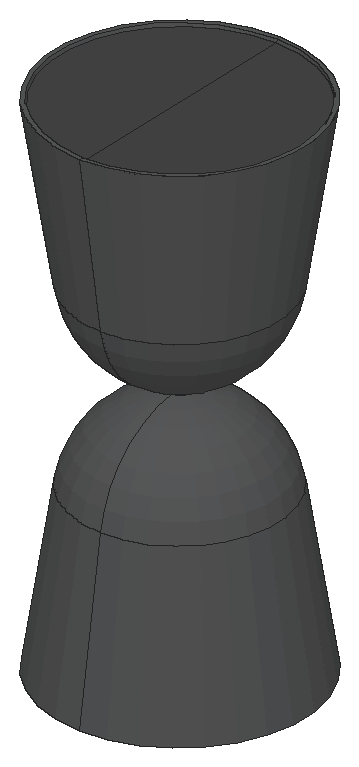
Revit family "CONV_Zero_GnrlPrpseLmnrs_ConvexSpotlight", category Lighting Fixtures, host Face, Revit 2016
Family settings
  Host = Face
  Part Type = Normal
  Round Connector Dimension = Use Diameter
  OmniClass Number = 23.80.70.00
  OmniClass Title = Lighting
  Cut with Voids When Loaded = No
  Light Source = Yes
  Shared = No
  Room Calculation Point = No
Parameters (values of type "Convex spotlight LED1325LM/17W HFF medium beam")
  Wattage = 8.41513 W
  WarrantyStartDate [instance] = "n/a"
  WarrantyGuarantorParts = "n/a"
  WarrantyGuarantorLabor = "n/a"
  WarrantyDurationUnit = "Year"
  WarrantyDurationParts = "n/a"
  WarrantyDurationLabor = "n/a"
  WarrantyDescription = "n/a"
  built-in parameter 1150110 = 1 (stored number, unit not read)
  VersionDate = "13/12/2017"  # constant formula
  Version = "1"  # constant formula
  UsageCurrent = 0 A
  Uniclass2015Reference = "Pr_70_70_48_85"
  Uniclass2015Description = "Surface luminaires"
  Uniclass2 = "Pr_70_70_49"
  URL = "https://www.zerolighting.com/convexspotlight-inomva"
  TotalWattage = 17 W
  built-in parameter 1114217 = 1 (stored number, unit not read)
  Tilt Angle = 90.00°
  built-in parameter 1150109 = 1 (stored number, unit not read)
  built-in parameter 1150134 = 3
  TagNumber [instance] = "n/a"
  SustainabilityPerformance = "n/a"
  built-in parameter 1150113 = 1 (stored number, unit not read)
  Size = "124x124x254 mm"
  Shape = "Sculptured"
  SerialNumber [instance] = "n/a"
  Revision = "1"  # constant formula
  ReplacementCost = "n/a"
  ProductInformation = "n/a"
  Photometric Web File = "Convex8401-8406_IES.IES"
  PhaseReference = "n/a"
  PhaseAngle = 0.00°
  NumberOfSources = 0
  NumberOfPoles = 1
  Note = "Article numbers change according shade colors.  XX = -01 White, -06 Black, -11 Grey, -12 Green."
  NominalWidth = 124 mm
  NominalVoltageCalc = 0 V
  NominalVoltage = 230 V
  NominalRadius = 62 mm
  NominalLength = 124 mm
  NominalHeight = 254 mm
  NominalFrequencyRange = 50 Hz
  NominalDiameter = 124 mm
  NominalCurrent = 0 A
  Name = "GnrlPrpseLmnrs_ConvexSpotlight"
  NBSReference = "90-60-50/405"
  NBSDescription = "General purpose luminaires"
  Model = "Convex spotlight LED1325LM/17W HFF medium beam"
  Manufacturer = "Zero"
  ModelReference = "n/a"
  ModelNumber = "8401-1-XXHFF"
  Material = "Metal"
  ManufacturersSpecificInformation = "n/a"
  ManufacturerURL = "https://www.zerolighting.com/"
  ManufacturerName = "Zero"
  MaintenanceFactor = 0
  built-in parameter 1150105 = 2682.8 (stored number, unit not read)
  Lumens = 1250 lm
  built-in parameter 1150115 = 1 (stored number, unit not read)
  LightFixturePlacingType = "Wall/ceiling"
  LightFixtureMountingType = "Surface"
  LightFixtureMainMaterial [instance] = Black NCS S9000
  built-in parameter 1150137 = (empty or 0)
  built-in parameter 1150139 = (empty or 0)
  LensMaterial = Tempered glass
  built-in parameter 1150112 = 1 (stored number, unit not read)
  built-in parameter 1150114 = 1 (stored number, unit not read)
  InsulationStandardClass = "n/a"
  InstallationDate [instance] = "n/a"
  built-in parameter 1150132 = 2
  built-in parameter 1150102 = (empty or 0)
  built-in parameter 1150107 = 3200 (stored number, unit not read)
  built-in parameter 1150138 = (empty or 0)
  built-in parameter 1150106 = 26.828 (stored number, unit not read)
  IfcExportType = "NOTDEFINED"  # constant formula
  IfcExportAs = "IfcLightFixtureType"  # constant formula
  IP_Code = "IP20"
  HasProtectiveEarth = no
  Grade = "n/a"
  Finish = "Painted aluminum"
  Features = "Terminalblock"
  ExpectedLife = "n/a"
  Emit from Circle Diameter = 122 mm
  Emit Shape Visible in Rendering = no
  ElectricalDeviceNominalPower = 0
  built-in parameter 1150104 = 13.8 (stored number, unit not read)
  EANNumber = "n/a"
  DurationUnit = "Year"
  Dimming Lamp Color Temperature Shift = <None>
  Dimming = "Dimmbart DALI alt. SwitchDim/Dimmable DALI or SwitchDim"
  Designer = "Jens Fager"
  Default Elevation = 0 mm
  ConvergoRefNr = "0046-1708-0006-SE"
  Constituents = "n/a"
  Color Filter = 16777215
  Color = "Various"
  Collection = "Convex"
  CodePerformance = "n/a"
  Category = "Wall"
  Brand = "Zero"
  Barcode [instance] = "n/a"
  built-in parameter 1114218 = 1 (stored number, unit not read)
  BIMObjectName = "CONV_Zero_GnrlPrpseLmnrs_ConvexSpotlight"
  Author = "Convergo AB"  # constant formula
  built-in parameter 1150133 = 10 (stored number, unit not read)
  AssetType = "Fixed"
  AssetIdentifier [instance] = "n/a"
  ArticleNumber = "8401-1-XXHFF"
  AccessibilityPerformance = "n/a"
Types (7, lengths in mm): name | Wattage | Tilt Angle | Photometric Web File | Note | Model | ModelNumber | built-in parameter 1150105 | Lumens | built-in parameter 1150106 | Emit from Circle Diameter | Dimming | ArticleNumber
  (no name) | 8.41513 W | 90.00° | "Convex8401-8406_IES.IES" | "Article numbers change according shade colors.  XX = -01 White, -06 Black, -11 Grey, -12 Green." | "Convex spotlight LED1325LM/17W HFF medium beam" | "8401-1-XXHFF" | 2682.8 (stored number, unit not read) | 1250 lm | 26.828 (stored number, unit not read) | 122 | "Dimmbart DALI alt. SwitchDim/Dimmable DALI or SwitchDim" | "8401-1-XXHFF"
  Convex spotlight LED1325LM/17W narrow beam | 8.92004 W | 0.00° | "Convex8400-8405_IES.IES" | "" | "Convex spotlight LED1325LM/17W narrow beam" | "8400-1-XX" | 6926.5 (stored number, unit not read) | 1325 lm | 69.265 (stored number, unit not read) | 609.6 | "None" | "8400-1-XX"
  Convex spotlight LED1325LM/17W medium beam | 8.41513 W | 0.00° | "Convex8401-8406_IES.IES" | "Article numbers change according shade colors.  XX = -01 White, -06 Black, -11 Grey, -12 Green." | "Convex spotlight LED1325LM/17W medium beam" | "8401-1-XX" | 2682.8 (stored number, unit not read) | 1250 lm | 26.828 (stored number, unit not read) | 609.6 | "None" | "8401-1-XX"
  Convex spotlight LED1325LM/17W wide beam | 8.81906 W | 0.00° | "Convex8402-8407_IES.IES" | "Article numbers change according shade colors.  XX = -01 White, -06 Black, -11 Grey, -12 Green." | "Convex spotlight LED1325LM/17W wide beam" | "8402-1-XX" | 2309.2 (stored number, unit not read) | 1310 lm | 23.092 (stored number, unit not read) | 609.6 | "None" | "8402-1-XX"
  Convex spotlight LED1325LM/17W HFF wide beam | 8.81906 W | 0.00° | "Convex8402-8407_IES.IES" | "Article numbers change according shade colors.  XX = -01 White, -06 Black, -11 Grey, -12 Green." | "Convex spotlight LED1325LM/17W HFF wide beam" | "8402-1-XXHFF" | 2309.2 (stored number, unit not read) | 1310 lm | 23.092 (stored number, unit not read) | 609.6 | "Dimmbart DALI alt. SwitchDim/Dimmable DALI or SwitchDim" | "8402-1-XXHFF"
  Convex spotlight LED1325LM/17W HFF medium beam | 8.41513 W | 90.00° | "Convex8401-8406_IES.IES" | "Article numbers change according shade colors.  XX = -01 White, -06 Black, -11 Grey, -12 Green." | "Convex spotlight LED1325LM/17W HFF medium beam" | "8401-1-XXHFF" | 2682.8 (stored number, unit not read) | 1250 lm | 26.828 (stored number, unit not read) | 122 | "Dimmbart DALI alt. SwitchDim/Dimmable DALI or SwitchDim" | "8401-1-XXHFF"
  Convex spotlight LED1325LM/17W HFF narrow beam | 8.92004 W | 0.00° | "Convex8400-8405_IES.IES" | "" | "Convex spotlight LED1325LM/17W HFF narrow beam" | "8400-1-XXHFF" | 6926.5 (stored number, unit not read) | 1325 lm | 69.265 (stored number, unit not read) | 609.6 | "Dimmbart DALI alt. SwitchDim/Dimmable DALI or SwitchDim" | "8400-1-XXHFF"
Reference planes
  plane 1 "Center (Front/Back)": y = 0
  plane 2: z = 0
  plane 3 "Center (Left/Right)": x = 0
  plane 4: y = 62
  plane 5: y = -62
  plane 6: x = -62
  plane 7: x = 62
  plane 8: z = 254
Dimensions and locks
  equal spacing: plane 4, plane 1 "Center (Front/Back)", plane 5
  "NominalWidth": plane 4 to plane 5
  equal spacing: plane 6, plane 3 "Center (Left/Right)", plane 7
  "NominalLength": plane 6 to plane 7
  "NominalHeight": plane 8 to host face
  aligned and locked: plane 2 to host face
  aligned and locked: level to host face
Automatic sketch dimensions
  host sketch curve to host sketch curve = 2438.4 mm  (x2)
Nested families
  nested 1: "Convex-spotlight" at (0, 0, 0), Material1 <- "LightFixtureMainMaterial", Material2 <- "LensMaterial", Material3 <- "LightFixtureMainMaterial", type "Convex-spotlight"
    with Material3 Black NCS S9000, Material2 Tempered glass, Material1 Black NCS S9000
Connectors
  electrical at (0, 0, 0), driven by "NominalVoltage"
    settings: on nested 1, index 1, voltage 230 V, apparent load 0 VA, apparent load phase1 0 VA, apparent load phase2 0 VA, apparent load phase3 0 VA, power factor 1, load classification "Other", number of poles 1, system type 31, power factor state 1, is connector primary yes, connector utility no, sub classification motor no, connector description ""
Definition of nested family "Convex-spotlight"
  Parameters (values of type "Convex-spotlight")
    Material3 [instance] = none
    Material2 [instance] = none
    Material1 [instance] = none
  Reference planes
    plane 1 "Center (Front/Back)": y = 0
    plane 2: z = 0
    plane 3 "Center (Left/Right)": x = 0
    plane 4: z = 1039
  Forms (mm)
    Revolve 1, solid, material <- "Material1", detail levels medium+fine
      sketch origin (0, 0, 0) x (0, 1, 0) y (0, 0, 1)
        loop
          line (59.975, 0) -> (62, 0) -> (48.97, 82.268)
          arc (48.97, 82.268) -> (33.899, 110.927) -> (4.5, 124.5) r 50.396
          line (4.5, 124.5) -> (0, 124.5) -> (0, 5) -> (59.183, 5) -> (59.975, 0)
        loop
          line (59.975, 254) -> (46.995, 172.045)
          arc (46.995, 172.045) -> (32.559, 144.559) -> (4.393, 131.5) r 48.396
          line (4.393, 131.5) -> (0, 131.5) -> (0, 129.5) -> (4.5, 129.5)
          arc (4.5, 129.5) -> (33.899, 143.073) -> (48.97, 171.732) r 50.396
          line (48.97, 171.732) -> (62, 254) -> (59.975, 254)
        axis (0, 0) -> (0, 254)
      angle from 0 to 360
    Revolve 2, solid, material <- "Material3", detail levels medium+fine
      sketch origin (0, 0, 0) x (0, 1, 0) y (0, 0, 1)
        loop
          line (4.5, 127.5) -> (4.5, 129.5) -> (0, 129.5) -> (0, 124.5) -> (4.5, 124.5) -> (4.5, 125.5) -> (2.5, 125.5) -> (2.5, 127.5) -> (4.5, 127.5)
        axis (0, 129.5) -> (0, 124.5)
      angle from 0 to 360
    Revolve 3, solid, material <- "Material2", detail levels medium+fine
      sketch origin (0, 0, 0) x (0, 1, 0) y (0, 0, 1)
        loop
          line (0, 252.53) -> (0, 251.53) -> (59.599, 251.53) -> (59.757, 252.53) -> (0, 252.53)
        axis (0, 252.53) -> (0, 251.53)
      angle from 0 to 360
    Extrusion 4, solid, material <- "Material1", detail levels coarse
      sketch origin (0, 0, 0) x (1, 0, 0) y (0, 1, 0)
        loop
          line (62, 62) -> (0, 62) -> (-62, 62) -> (-62, -62) -> (0, -62) -> (62, -62) -> (62, 62)
      from 0 to 254
  Lines and regions (mm)
    symbolic lines, detail levels medium+fine
      curve 1: line (-62, 0, 0) -> (-48.998, 0, 82.089)
      curve 2: arc (-48.998, 0, 82.089) -> (-33.922, 0, 110.82) -> (-4.5, 0, 124.5) r 50.633
      curve 4: line (-4.5, 0, 124.5) -> (-4.5, 0, 125.5)
      curve 5: line (-4.5, 0, 125.5) -> (-2.479, 0, 125.5)
      curve 6: line (-2.479, 0, 125.5) -> (-2.479, 0, 127.5)
      curve 7: line (-4.5, 0, 129.5) -> (-4.5, 0, 127.5)
      curve 8: line (-4.5, 0, 127.5) -> (-2.479, 0, 127.5)
      curve 10: arc (-4.5, 0, 129.5) -> (-33.61, 0, 142.778) -> (-48.887, 0, 170.891) r 50.466
      curve 11: line (-48.887, 0, 170.891) -> (-62.05, 0, 254)
      curve 12: line (62, 0, 0) -> (48.998, 0, 82.089)
      curve 13: arc (48.998, 0, 82.089) -> (33.922, 0, 110.82) -> (4.5, 0, 124.5) r 50.633
      curve 15: line (4.5, 0, 124.5) -> (4.5, 0, 125.5)
      curve 16: line (4.5, 0, 125.5) -> (2.479, 0, 125.5)
      curve 17: line (2.479, 0, 125.5) -> (2.479, 0, 127.5)
      curve 18: line (4.5, 0, 129.5) -> (4.5, 0, 127.5)
      curve 19: line (4.5, 0, 127.5) -> (2.479, 0, 127.5)
      curve 21: arc (4.5, 0, 129.5) -> (33.61, 0, 142.778) -> (48.887, 0, 170.891) r 50.466
      curve 23: line (48.887, 0, 170.891) -> (62.05, 0, 254)
      curve 28: line (-62, 0, 0) -> (0, 0, 0)
      curve 29: line (62, 0, 0) -> (0, 0, 0)
      curve 30: line (62.05, 0, 254) -> (-62.05, 0, 254)
      curve 31: line (0, 62, 254) -> (0, -62, 254)
      curve 32: line (0, 62, 0) -> (0, -62, 0)
      curve 33: line (0, 62, 0) -> (0, 48.703, 83.954)
      curve 34: arc (0, 4.5, 124.5) -> (0, 33.262, 111.487) -> (0, 48.703, 83.954) r 50.573
      curve 35: line (0, 4.5, 124.5) -> (0, 4.5, 125.5)
      curve 36: line (0, 4.5, 125.5) -> (0, 2.5, 125.5)
      curve 37: line (0, 2.5, 125.5) -> (0, 2.5, 127.5)
      curve 38: line (0, 2.5, 127.5) -> (0, 4.5, 127.5)
      curve 39: line (0, 4.5, 127.5) -> (0, 4.5, 129.5)
      curve 40: arc (0, 4.5, 129.5) -> (0, 32.992, 142.05) -> (0, 48.451, 169.074) r 49.766
      curve 41: line (0, 48.451, 169.074) -> (0, 62, 254)
      curve 42: line (0, -62, 0) -> (0, -48.703, 83.954)
      curve 43: arc (0, -4.5, 124.5) -> (0, -33.262, 111.487) -> (0, -48.703, 83.954) r 50.573
      curve 44: line (0, -4.5, 124.5) -> (0, -4.5, 125.5)
      curve 45: line (0, -4.5, 125.5) -> (0, -2.5, 125.5)
      curve 46: line (0, -2.5, 125.5) -> (0, -2.5, 127.5)
      curve 47: line (0, -2.5, 127.5) -> (0, -4.5, 127.5)
      curve 48: line (0, -4.5, 127.5) -> (0, -4.5, 129.5)
      curve 49: arc (0, -4.5, 129.5) -> (0, -32.992, 142.05) -> (0, -48.451, 169.074) r 49.766
      curve 50: line (0, -48.451, 169.074) -> (0, -62, 254)
      curve 55: circle (0, 0, 0) r 62 normal (0, 0, 1)
    symbolic lines, detail levels fine
      curve 3: line (-4.5, 0, 124.5) -> (0, 0, 124.5)
      curve 9: line (-4.5, 0, 129.5) -> (0, 0, 129.5)
      curve 14: line (4.5, 0, 124.5) -> (0, 0, 124.5)
      curve 20: line (4.5, 0, 129.5) -> (0, 0, 129.5)
      curve 24: line (2.479, 0, 127.5) -> (0, 0, 127.5)
      curve 25: line (-2.479, 0, 127.5) -> (0, 0, 127.5)
      curve 26: line (-2.479, 0, 125.5) -> (0, 0, 125.5)
      curve 27: line (2.479, 0, 125.5) -> (0, 0, 125.5)
      curve 51: line (0, 4.5, 124.5) -> (0, -4.5, 124.5)
      curve 52: line (0, 2.5, 125.5) -> (0, -2.5, 125.5)
      curve 53: line (0, 2.5, 127.5) -> (0, -2.5, 127.5)
      curve 54: line (0, 4.5, 129.5) -> (0, -4.5, 129.5)
      curve 56: circle (0, 0, 0) r 59.8 normal (0, 0, 1)
    symbolic lines
      curve 22: line (0, 0, 254) -> (62.05, 0, 254)
  Dimensions and locks
    aligned and locked: level to plane 2
